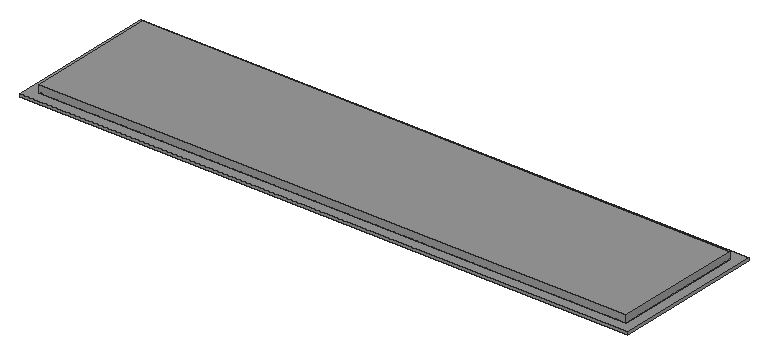
Revit family "63_UN_LEDPanel_LPS-O 120x30_Norton", category Lighting Fixtures, Revit 2019
Family settings
  Round Connector Dimension = Use Diameter
  Part Type = Normal
  OmniClass Number = 23.80.70.11.14.11
  OmniClass Title = Downlights
  Work Plane-Based = No
  Always vertical = Yes
  Cut with Voids When Loaded = No
  Light Source = Yes
  Shared = No
  Room Calculation Point = Yes
Parameters (values of type "LPS-O 84 3600LM 120X30")
  Wattage Comments = "32"
  Wattage = 3.36605 W
  built-in parameter 1150110 = 1 (stored number, unit not read)
  Voltage = 230 V
  URL = "https://www.ivlibrary.com/"
  Type Comments = "LPS-O93"
  built-in parameter 1114217 = 1 (stored number, unit not read)
  Tilt Angle = 90.00°
  built-in parameter 1150109 = 1 (stored number, unit not read)
  built-in parameter 1150134 = 3
  Symbol_ToScale [instance] = not(Symbol_RealSize)  # no
  Symbol_RealSize [instance] = yes
  Switch Code [instance] = ""
  built-in parameter 1150113 = 1 (stored number, unit not read)
  Photometric Web File = "LPS-O 84 3600LM 120x30_LDT.ies"
  Model = "LPS"
  Manufacturer = "Norton"
  built-in parameter 1150105 = 39.789 (stored number, unit not read)
  Luminous Flux (lm) = 3600 lm
  Lumens = 3600 lm
  built-in parameter 1150115 = 1 (stored number, unit not read)
  Luminaire Code [instance] = ""
  built-in parameter 1150137 = (empty or 0)
  built-in parameter 1150139 = (empty or 0)
  built-in parameter 1150112 = 1 (stored number, unit not read)
  built-in parameter 1150114 = 1 (stored number, unit not read)
  Lamp = "LED"
  L3 = 20 mm
  L2 = 296 mm
  L1 = 1196 mm
  built-in parameter 1150132 = 2
  built-in parameter 1150102 = (empty or 0)
  built-in parameter 1150107 = 3200 (stored number, unit not read)
  built-in parameter 1150138 = (empty or 0)
  built-in parameter 1150106 = 0.39789 (stored number, unit not read)
  IfcExportType = "USERDEFINED"
  IfcExportAs = "IfcLightFixtureType"
  ISBN Code = "-"
  IP Value = "IP20"
  IK Value = "IK06"
  Housing_Material = Laminate, White
  H1 = 13.5 mm
  GTIN Code = "-"
  Emit from Rectangle Width = L2 - (L3 * 2)  # 256 mm
  Emit from Rectangle Length = L1 - (L3 * 2)  # 1156 mm
  Emit Shape Visible in Rendering = no
  built-in parameter 1150104 = 13.8 (stored number, unit not read)
  ETIM Code = "-"
  Dimming Lamp Color Temperature Shift = <None>
  Description = ""
  Content Creator® = "www.ivlibrary.com"
  Color Filter = 16777215
  Calc_L2_Symbol = L2 / 100  # 2.96 mm
  Calc_L1_Symbol = L1 / 100  # 11.96 mm
  built-in parameter 1114218 = 1 (stored number, unit not read)
  built-in parameter 1150133 = 10 (stored number, unit not read)
  Assembly Code = "63.0"
  Apparent Load = 32 VA
Types (3, lengths in mm): name | Photometric Web File | Luminous Flux (lm) | Lumens
  LPS-O 84 3600LM 120X30 | "LPS-O 84 3600LM 120x30_LDT.ies" | 3600 lm | 3600 lm
  LPS-O 865 3700LM 120X30 | "LPS-O 865 3700LM 120x30_LDT.ies" | 3700 lm | 3700 lm
  LPS-O 83 3400LM 120X30 | "LPS- O 83 3400LM 120x30_LDT.ies" | 3400 lm | 3400 lm
Reference planes
  plane 1 "Center (Front/Back)": y = 0
  plane 2: z = 0
  plane 3 "Center (Left/Right)": x = 0
  plane 4: x = -578
  plane 5: x = 578
  plane 6: y = 128
  plane 7: y = -128
  plane 8: x = -598
  plane 9: x = 598
  plane 10: y = -148
  plane 11: y = 148
Forms (mm)
  Extrusion 1, solid, material "Laminate, White" <- "Housing_Material"
    sketch origin (0, 0, 0) x (1, 0, 0) y (0, 1, 0)
      loop
        line (-578, 128) -> (-578, -128) -> (578, -128) -> (578, 128) -> (-578, 128)
    from 0 to 13.5 <- "H1"
  Extrusion 2, solid, material "Glass, White, High Luminance"
    sketch origin (0, 0, 0) x (1, 0, 0) y (0, 1, 0)
      loop
        line (-578, 128) -> (-578, -128) -> (578, -128) -> (578, 128) -> (-578, 128)
    from 0 to -1
  Extrusion 3, solid, material "Laminate, White" <- "Housing_Material"
    sketch origin (0, 0, 0) x (1, 0, 0) y (0, 1, 0)
      loop
        line (-578, 128) -> (-578, -128) -> (578, -128) -> (578, 128) -> (-578, 128)
      loop
        line (-598, -148) -> (598, -148) -> (598, 148) -> (-598, 148) -> (-598, -148)
    from 0 to -5
Lines and regions (mm)
  symbolic lines, visible <- "Symbol_RealSize"
    curve 1: line (-598, -148, 0) -> (598, -148, 0)
    curve 2: line (-598, 148, 0) -> (-598, -148, 0)
    curve 3: line (598, 148, 0) -> (-598, 148, 0)
    curve 4: line (598, -148, 0) -> (598, 148, 0)
Dimensions and locks
  equal spacing: plane 11, plane 1 "Center (Front/Back)", plane 10
  equal spacing: plane 8, plane 3 "Center (Left/Right)", plane 9
  "L1": plane 8 to plane 9
  "L2": plane 11 to plane 10
  "H1": Extrusion 1 to level
  "L3": plane 8 to plane 4
  "L3": plane 5 to plane 9
  "L3": plane 6 to plane 11
  "L3": plane 7 to plane 10
  aligned and locked: level to plane 2
  aligned and locked: Extrusion 1 sketch curve to plane 6
  aligned and locked: plane 4 to Extrusion 1 sketch curve
  aligned and locked: plane 7 to Extrusion 1 sketch curve
  aligned and locked: plane 5 to Extrusion 1 sketch curve
  aligned and locked: Extrusion 2 sketch curve to Extrusion 1  (x4)
  aligned and locked: plane 11 to Extrusion 3
  aligned and locked: plane 9 to Extrusion 3
  aligned and locked: plane 10 to Extrusion 3
  aligned and locked: plane 8 to Extrusion 3
  aligned and locked: plane 9 to Extrusion 3 sketch curve
  aligned and locked: plane 10 to Extrusion 3 sketch curve
  aligned and locked: plane 8 to Extrusion 3 sketch curve
  aligned and locked: plane 11 to Extrusion 3 sketch curve
  aligned and locked: plane 5 to Extrusion 3 sketch curve
  aligned and locked: Extrusion 3 sketch curve to plane 6
  aligned and locked: plane 4 to Extrusion 3 sketch curve
  aligned and locked: plane 7 to Extrusion 3 sketch curve
Automatic sketch dimensions
  curve 3 to plane 8 = 0 mm
  curve 1 to plane 9 = 0 mm
  curve 2 to plane 10 = 0 mm
  plane 11 to curve 2 = 0 mm
Nested families
  nested 1: "Parametric LED Panel Symbol" at (0, 0, 0), L1 <- "Calc_L1_Symbol", L2 <- "Calc_L2_Symbol", visible <- "Symbol_ToScale", type "Parametric LED Panel Symbol"
    with L2 2.96 mm, L1 11.96 mm
Connectors
  electrical at (0, 0, 0), driven by "Voltage", driven by "Apparent Load"
    settings: index 1, voltage 230 V, apparent load 0 VA, apparent load phase1 32 VA, apparent load phase2 0 VA, apparent load phase3 0 VA, power factor 1, load classification "Lighting", number of poles 1, system type 31, power factor state 1, is connector primary yes, connector utility no, sub classification motor no, connector description ""
Definition of nested family "Parametric LED Panel Symbol"
  Parameters (values of type "Parametric LED Panel Symbol")
    L2 [instance] = 4.484 mm
    L1 [instance] = 6.437 mm
  Reference planes
    plane 1: y = 0
    plane 2: x = 0
  Lines and regions (mm)
    detail lines
      curve 1: line (-3.219, 2.242, 0) -> (3.219, 2.242, 0)
      curve 2: line (-3.219, -2.242, 0) -> (-3.219, 2.242, 0)
      curve 3: line (3.219, -2.242, 0) -> (-3.219, -2.242, 0)
      curve 4: line (3.219, 2.242, 0) -> (3.219, -2.242, 0)
  Dimensions and locks
    equal spacing: curve 2, plane 2, curve 4
    equal spacing: curve 3, plane 1, curve 1
    "L1": curve 2 to curve 4
    "L2": curve 3 to curve 1
